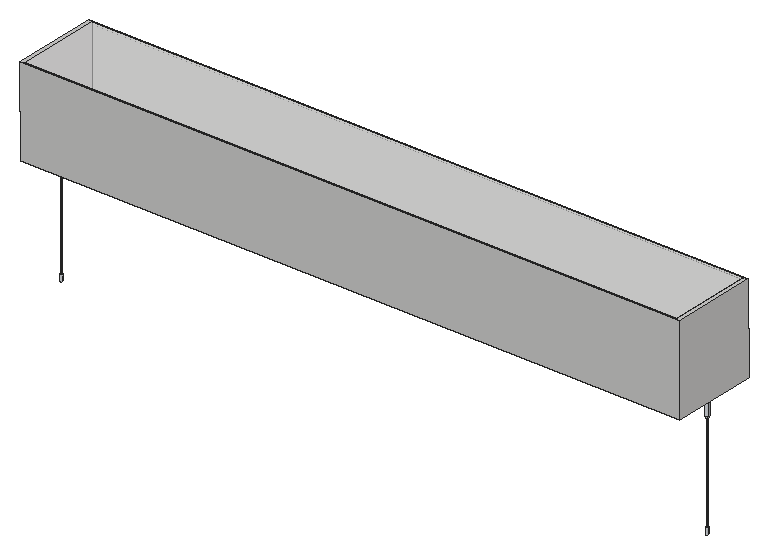
Revit family "6L-P-D", category Lighting Fixtures, host Face, Revit 2012
Parameters (values of type "Textured Matte White")
  Width = 6 1/4"
  Wattage Comments = "Variable Intensity technology provides specifiable lumen output/wattage"  # constant formula
  Voltage = if(Is 120V, 120 V, 277 V)  # 120 V
  URL = "http://www.litecontrol.com/"
  Reflector Finish = Hubbell-White Glass
  Product Page URL = "http://www.litecontrol.com/products/mod_6_led_pendant_direct"
  Product Material = Paint - Hubbell - Textured Matte White
  Product Documentation Link = "http://cdn.litecontrol.com/content/products/specs/specs_files/6L-P-D.pdf"
  Pendent Height = 9"
  Model = "6-L-P-D"  # constant formula
  Manufacturer Phone = "781-294-0100"  # constant formula
  Manufacturer Fax = "781-293-2849"  # constant formula
  Manufacturer = "LITECONTROL"  # constant formula
  Load Classification = Lighting
  Lamp = "1000 lumens/ft"  # constant formula
  Is 277V = not(Is 120V)  # no
  Is 120V = yes
  Frequency = 60 Hz  # constant formula
  Fixture Length = MOD 6 : 4'
  Description = "The MOD™x family is an affordably-priced, full-featured offering with best-in-class attention to detail."  # constant formula
  Default Elevation = 48"
  Connector Description = "Lighting Connector"  # constant formula
  Apparent Load = 25 VA
Types (7): name | URL | Product Page URL | Product Material | Product Documentation Link
  (no name) | "http://www.litecontrol.com/" | "http://www.litecontrol.com/products/mod_6_led_pendant_direct" | Paint - Hubbell - Textured Matte White | "http://cdn.litecontrol.com/content/products/specs/specs_files/6L-P-D.pdf"
  Matte White | "http://www.columbialighting.com/" | "http://www.columbialighting.com/products/uc" | Paint - Hubbell - Matte White | "http://cdn.columbialighting.com/content/products/specs/specs_files/uc.pdf"
  Textured Matte White | "http://www.litecontrol.com/" | "http://www.litecontrol.com/products/mod_6_led_pendant_direct" | Paint - Hubbell - Textured Matte White | "http://cdn.litecontrol.com/content/products/specs/specs_files/6L-P-D.pdf"
  Light Silver | "http://www.columbialighting.com/" | "http://www.columbialighting.com/products/uc" | Paint - Hubbell - Light Silver | "http://cdn.columbialighting.com/content/products/specs/specs_files/uc.pdf"
  Machined Aluminum | "http://www.columbialighting.com/" | "http://www.columbialighting.com/products/uc" | Paint - Hubbell - Machined Aluminum | "http://cdn.columbialighting.com/content/products/specs/specs_files/uc.pdf"
  Carbon Black | "http://www.columbialighting.com/" | "http://www.columbialighting.com/products/uc" | Paint - Hubbell - Carbon Black | "http://cdn.columbialighting.com/content/products/specs/specs_files/uc.pdf"
  Textured Camera Black | "http://www.columbialighting.com/" | "http://www.columbialighting.com/products/uc" | Paint - Hubbell - Textured Camera Black | "http://cdn.columbialighting.com/content/products/specs/specs_files/uc.pdf"
Reference planes (in)
  plane 1 "Center (Front/Back)": y = 0
  plane 2: z = 0
  plane 3 "Center (Left/Right)": x = 0
Forms (in)
  Extrusion 1, void
    sketch origin (0, 0, 0) x (1, 0, 0) y (0, 1, 0)
      loop
        circle (0, 0) r 3.125
    from -1.25 to 0
Dimensions and locks (in)
  radius of Extrusion 1 sketch curve = 3 1/8"
  aligned and locked: plane 2 to host face
  aligned and locked: level to host face
  aligned and locked: level to Extrusion 1
  aligned and locked: plane 1 "Center (Front/Back)" to nested 1
  aligned and locked: plane 3 "Center (Left/Right)" to nested 1
Nested families (in)
  nested 1: "MOD 6" at (0, 0, 0), type <- "Fixture Length", Reflector Finish <- "Reflector Finish", Product Material <- "Product Material", Width <- "Width", Pendent Height <- "Pendent Height", type "4'"
    with Width 6 1/4", Reflector Finish Hubbell-White Glass, Product Material Paint - Hubbell - Textured Matte White, Pendent Height 9", Height 6 7/16"
Connectors (in)
  electrical at (0, 0, 9), driven by "Connector Description", driven by "Apparent Load", driven by "Voltage"
    settings: on nested 1, index 1, voltage 120 V, apparent load 25 VA, apparent load phase1 0 VA, apparent load phase2 0 VA, apparent load phase3 0 VA, power factor 1, load classification "Other", number of poles 1, system type 30, power factor state 1, is connector primary yes, connector utility no, sub classification motor no, connector description "Lighting Connector"
Definition of nested family "MOD 6"
  Parameters (values of type "8'")
    Width [instance] = 6 1/4"
    Wattage Comments = "17"
    Wattage = 9.7 W
    built-in parameter 1150110 = 1 (stored number, unit not read)
    Voltage = if(Is 120V, 120 V, 277 V)  # 120 V
    URL = "http://www.columbialighting.com/"
    built-in parameter 1114217 = 1 (stored number, unit not read)
    Tilt Angle = -90.00°
    built-in parameter 1150109 = 1 (stored number, unit not read)
    built-in parameter 1150134 = (empty or 0)
    built-in parameter 1150113 = 1 (stored number, unit not read)
    Reflector Finish [instance] = Hubbell-White Glass
    Product Page URL = "http://www.columbialighting.com/products/uc"
    Product Material [instance] = none
    Product Documentation Link = "http://cdn.columbialighting.com/content/products/specs/specs_files/uc.pdf"
    Photometric Web File = "6L-P-D-4-SOF-X-CX-35K-D100.IES"
    Pendent Height [instance] = 6.85998"
    Pendant Material = Metal - Hubbell - Stainless Steel
    Model = "6-L-P-D"  # constant formula
    Manufacturer Phone = "781-294-0100"  # constant formula
    Manufacturer Fax = "781-293-2849"  # constant formula
    Manufacturer = "LITECONTROL"  # constant formula
    built-in parameter 1150105 = 79.506 (stored number, unit not read)
    Lumens = 999.1 lm
    built-in parameter 1150115 = 1 (stored number, unit not read)
    Load Classification = Lighting
    built-in parameter 1150137 = (empty or 0)
    built-in parameter 1150139 = (empty or 0)
    Length = 96"
    built-in parameter 1150112 = 1 (stored number, unit not read)
    built-in parameter 1150114 = 1 (stored number, unit not read)
    Lamp = "24\" T8 Lamp"
    Is 277V = not(Is 120V)  # no
    Is 120V = yes
    built-in parameter 1150132 = (empty or 0)
    built-in parameter 1150102 = (empty or 0)
    built-in parameter 1150107 = 3500 (stored number, unit not read)
    built-in parameter 1150138 = (empty or 0)
    built-in parameter 1150106 = 0.79506 (stored number, unit not read)
    Height [instance] = 6 7/16"
    Frequency = 60 Hz  # constant formula
    Emit from Rectangle Width = 6 1/4"  # constant formula
    Emit from Rectangle Length = Length  # 96"
    Emit Shape Visible in Rendering = no
    built-in parameter 1150104 = 9.569 (stored number, unit not read)
    Dimming Lamp Color Temperature Shift = (empty or 0)
    Description = "The MOD™x family is an affordably-priced, full-featured offering with best-in-class attention to detail."  # constant formula
    Default Elevation = 48"
    Connector Description = "Lighting Connector"  # constant formula
    Color Filter = 16777215
    built-in parameter 1114218 = 1 (stored number, unit not read)
    built-in parameter 1150133 = 10 (stored number, unit not read)
    Apparent Load = 25 VA
  Types (6): name | Wattage | Tilt Angle | built-in parameter 1150134 | Photometric Web File | Pendant Material | built-in parameter 1150105 | Lumens | Length | built-in parameter 1150107 | built-in parameter 1150106 | Emit from Rectangle Length | built-in parameter 1150104
    2' | 9.2903 W | 60.00° | 3 | "generic" | none | 109.82 (stored number, unit not read) | 1380 lm | 24" | 3200 (stored number, unit not read) | 1.0982 (stored number, unit not read) | 24" | 13.8 (stored number, unit not read)
    3' | 9.2903 W | 60.00° | 3 | "generic" | none | 109.82 (stored number, unit not read) | 1380 lm | 36" | 3200 (stored number, unit not read) | 1.0982 (stored number, unit not read) | 36" | 13.8 (stored number, unit not read)
    4' | 9.2903 W | 60.00° | 3 | "generic" | none | 109.82 (stored number, unit not read) | 1380 lm | 48" | 3200 (stored number, unit not read) | 1.0982 (stored number, unit not read) | 48" | 13.8 (stored number, unit not read)
    5' | 9.2903 W | 60.00° | 3 | "generic" | none | 109.82 (stored number, unit not read) | 1380 lm | 60" | 3200 (stored number, unit not read) | 1.0982 (stored number, unit not read) | 60" | 13.8 (stored number, unit not read)
    6' | 9.2903 W | 60.00° | 3 | "generic" | none | 109.82 (stored number, unit not read) | 1380 lm | 72" | 3200 (stored number, unit not read) | 1.0982 (stored number, unit not read) | 72" | 13.8 (stored number, unit not read)
    8' | 9.7 W | -90.00° | (empty or 0) | "6L-P-D-4-SOF-X-CX-35K-D100.IES" | Metal - Hubbell - Stainless Steel | 79.506 (stored number, unit not read) | 999.1 lm | 96" | 3500 (stored number, unit not read) | 0.79506 (stored number, unit not read) | 96" | 9.569 (stored number, unit not read)
  Reference planes (in)
    plane 1 "Center (Front/Back)": y = 0
    plane 2: z = 0
    plane 3 "Center (Left/Right)": x = 0
    plane 4: x = -48
    plane 5: x = 48
    plane 6: x = -47.75
    plane 7: x = 47.75
    plane 8: y = -3.125
    plane 9: y = 3.125
    plane 10: z = 13.29748
    plane 11: z = 6.85998
    plane 12: z = 10.07873
    plane 13: x = 47.5
    plane 14: x = -47.5
    plane 15: z = 13.17248
  Forms (in)
    Extrusion 1, solid
      sketch origin (0, 0, 0) x (1, 0, 0) y (0, 1, 0)
        loop
          line (-48, 48) -> (-48, -48) -> (48, -48) -> (48, 48) -> (-48, 48)
      from 0 to -1.25
    Extrusion 2, solid, material <- "Product Material"
      sketch origin (0, 0, 0) x (0, 1, 0) y (0, 0, -1)
        loop
          line (3.125, -6.85998) -> (-3.125, -6.85998) -> (-3.125, -13.29748) -> (3.125, -13.29748) -> (3.125, -6.85998)
      from -48 to -47.75
    Extrusion 3, solid, material <- "Product Material"
      sketch origin (-47.9375, 0, 0) x (0, 1, 0) y (0, 0, -1)
        loop
          line (3.125, -6.85998) -> (-3.125, -6.85998) -> (-3.125, -13.29748) -> (3.125, -13.29748) -> (3.125, -6.85998)
      from -0.1875 to 0.0625
    Sweep 4, solid, material <- "Product Material"
      path origin (0, 0, 0) x (1, 0, 0) y (0, 1, 0)
        loop
          line (-47.75, 0) -> (47.75, 0)
      profile origin (0, 0, 0) x (0, 1, 0) y (0, 0, 1)
        loop
          line (3.03398, 13.29748) -> (3.03398, 6.99596) -> (-3.03398, 6.99596) -> (-3.03398, 13.29748) -> (-3.125, 13.29748) -> (-3.125, 6.85998) -> (3.125, 6.85998) -> (3.125, 13.29748) -> (3.03398, 13.29748)
    Revolve 5, solid, material "Metal - Hubbell - Stainless Steel" <- "Pendant Material"
      sketch origin (0, 0, 0) x (1, 0, 0) y (0, 0, 1)
        loop
          line (-47.5, 6.85998) -> (-47.5, 0) -> (-47.40361, 0) -> (-47.40361, 0.42177) -> (-47.47196, 0.42177) -> (-47.47196, 5.43695) -> (-47.41672, 5.43695) -> (-47.41672, 5.61188) -> (-47.34307, 5.61188) -> (-47.34307, 6.85998) -> (-47.5, 6.85998)
        axis (-47.5, 6.85998) -> (-47.5, 0)
      angle from 0 to 360
    Revolve 6, solid, material "Metal - Hubbell - Stainless Steel" <- "Pendant Material"
      sketch origin (0, 0, 0) x (-1, 0, 0) y (0, 0, -1)
        loop
          line (-47.5, -6.85998) -> (-47.34307, -6.85998) -> (-47.34307, -5.61188) -> (-47.41672, -5.61188) -> (-47.41672, -5.43695) -> (-47.47196, -5.43695) -> (-47.47196, -0.42177) -> (-47.40361, -0.42177) -> (-47.40361, 0) -> (-47.5, 0) -> (-47.5, -6.85998)
        axis (-47.5, -6.85998) -> (-47.5, 0)
      angle from 0 to 360
    Extrusion 7, solid, material "Hubbell-White Glass" <- "Reflector Finish"
      sketch origin (0, 0, 0) x (1, 0, 0) y (0, 1, 0)
        loop
          line (-47.75, 3.03398) -> (-47.75, -3.03398) -> (47.75, -3.03398) -> (47.75, 3.03398) -> (-47.75, 3.03398)
      from 13.17248 to 13.29748
  Cuts and joins
    joined: Extrusion 2, Extrusion 3, Sweep 4
  Dimensions and locks (in)
    equal spacing: plane 4, plane 3 "Center (Left/Right)", plane 5
    "Length": plane 4 to plane 5
    locked: plane 4 to plane 6 at 0.25
    locked: plane 7 to plane 5 at 0.25
    equal spacing: plane 8, plane 1 "Center (Front/Back)", plane 9
    "Width": plane 9 to plane 8
    equal spacing: plane 10, plane 12, plane 11
    "Height": plane 10 to plane 11
    "Pendent Height": plane 11 to plane 2
    locked: Sweep 4 to plane 11 at 0
    locked: plane 4 to plane 14 at 0.5
    locked: plane 13 to plane 5 at 0.5
    plane 10 to plane 15 = 1/8"
    aligned and locked: plane 2 to Extrusion 1
    aligned and locked: level to Extrusion 1
    aligned and locked: plane 5 to Extrusion 2
    aligned and locked: Extrusion 2 to plane 7
    aligned and locked: plane 1 "Center (Front/Back)" to Sweep 4 sketch curve
    aligned and locked: plane 6 to Sweep 4 sketch curve
    aligned and locked: plane 7 to Sweep 4 sketch curve
    aligned and locked: plane 10 to Extrusion 3
    aligned and locked: Extrusion 3 sketch curve to plane 11
    aligned and locked: Extrusion 3 sketch curve to plane 8
    aligned and locked: Extrusion 3 sketch curve to plane 9
    aligned and locked: Extrusion 2 sketch curve to plane 10
    aligned and locked: Extrusion 2 sketch curve to plane 11
    aligned and locked: Extrusion 2 sketch curve to plane 9
    aligned and locked: Extrusion 2 sketch curve to plane 8
    aligned and locked: Extrusion 3 to plane 4
    aligned and locked: Extrusion 3 to Sweep 4
    aligned and locked: Sweep 4 to Extrusion 2
    aligned and locked: plane 10 to Sweep 4 sketch curve  (x2)
    aligned and locked: plane 6 to Extrusion 3
    aligned and locked: Extrusion 7 sketch curve to cut or joined group of Extrusion 2, Extrusion 3, Sweep 4  (x4)
    aligned and locked: plane 10 to Extrusion 7
    aligned and locked: Extrusion 7 to plane 15
    aligned and locked: imposter light to plane 1 "Center (Front/Back)"
    aligned and locked: plane 3 "Center (Left/Right)" to imposter light
    aligned and locked: plane 12 to imposter light
  Automatic sketch dimensions
    Extrusion 1 sketch curve to Extrusion 1 sketch curve = 96"  (x2)
    Extrusion 3 sketch curve to plane 10 = 0"
    profile plane to Sweep 4 sketch curve = 3 1/8"
    Sweep 4 sketch curve to Sweep 4 sketch curve = 0.09102"  (x2)
    Sweep 4 sketch curve to profile plane = 3.03398"
    Sweep 4 sketch curve to Sweep 4 sketch curve = 6.30152"
    Sweep 4 sketch curve to Sweep 4 sketch curve = 0.13598"
    Revolve 5 sketch curve to plane 14 = 0"  (x2)
    Revolve 5 sketch curve to plane 11 = 0"
    Revolve 5 sketch curve to level = 0"
    plane 14 to Revolve 5 sketch curve = 0.02804"
    plane 14 to Revolve 5 sketch curve = 0.08328"
    plane 14 to Revolve 5 sketch curve = 0.09639"
    plane 14 to Revolve 5 sketch curve = 0.15693"
    Revolve 5 sketch curve to level = 9.16755"
    Revolve 5 sketch curve to Revolve 5 sketch curve = 0.42177"
    Revolve 5 sketch curve to plane 11 = 1.42302"
    Revolve 5 sketch curve to Revolve 5 sketch curve = 0.17493"
    plane 10 to Revolve 5 sketch curve = 85.53497"
    Revolve 6 sketch curve to plane 13 = 0"
    Revolve 6 sketch curve to plane 11 = 0"
    plane 13 to Revolve 6 sketch curve = 0"
    Revolve 6 sketch curve to level = 0"
    plane 13 to Revolve 6 sketch curve = 0.02804"
    plane 13 to Revolve 6 sketch curve = 0.08328"
    plane 13 to Revolve 6 sketch curve = 0.09639"
    plane 13 to Revolve 6 sketch curve = 0.15693"
    plane 10 to Revolve 6 sketch curve = 85.53497"
    Revolve 6 sketch curve to plane 11 = 1.2481"
    Revolve 6 sketch curve to Revolve 6 sketch curve = 0.17493"
    level to Revolve 6 sketch curve = 0.42177"
    Revolve 6 sketch curve to Revolve 6 sketch curve = 9.16755"
